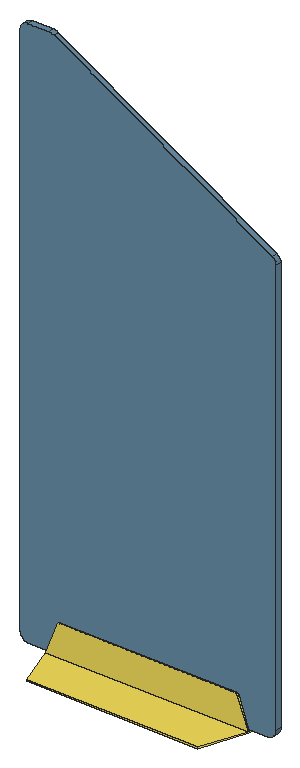
Revit family "DBLTD_TheSenatorGroup_PrvcyScrnSym_Play_FreeStanding_US", category Furniture, Revit 2018
Family settings
  OmniClass Number = 23.40.20.00
  OmniClass Title = General Furniture and Specialties
  Work Plane-Based = No
  Always vertical = Yes
  Cut with Voids When Loaded = No
  Shared = Yes
  Room Calculation Point = No
Parameters (values of type "Right Tapered Screen 32.5”(w) x 70”(h)")
  WarrantyStartDate [instance] = "1900-12-31T23:59:59"
  WarrantyGuarantorParts = "15"
  WarrantyGuarantorLabor = "15"
  WarrantyDurationUnit = "Years"
  WarrantyDurationParts = "15"
  WarrantyDurationLabor = "15"
  WarrantyDescription = "Senator warrants that its manufactured products are free from manufacturing defects - in materials or workmanship - for a period of ten (10) years on Senator Seating ranges; and fifteen (15) years on Senator Desking ranges"
  Version = "1"  # constant formula
  Uniclass2015Version = "Products v1.9"
  Uniclass2015Title = "Privacy screens"
  Uniclass2015Code = "Pr_40_30_20_65"
  URL = "https://www.thesenatorgroup.com/"
  Type Comments = ""
  TagNumber [instance] = "n/a"
  SustainabilityPerformance = "n/a"
  Style = "n/a"
  Status [instance] = "New"
  Size = "L 11\" x W 32.5\" x  H 70\""
  Shape = "Rectangular"
  SerialNumber [instance] = "n/a"
  ScreenUpholstery [instance] = CamiraFabrics_TxtlRllCvrngs_Blazer_Vassar_CUZ2U
  ScreenType = NESTED_DBLTD_TheSenatorGroup_PrvcyScrnSym_Play_FreeStanding_TaperedRight : NESTED_DBLTD_TheSenatorGroup_PrvcyScrnSym_Play_FreeStanding_TaperedRight
  Revision = "n/a"
  ReplacementCost = "0"
  Reference = "n/a"
  ProductInformation = "https://www.thesenatorgroup.com/"
  NominalWidth = 32.5"
  NominalLength = NominalWidth  # 32.5"
  NominalHeight = 70"
  NominalDepth = 11.81"
  Name = "PrivacyScreens_Play_Pods_TheSenatorGroup"  # constant formula
  NBSReference = "45-35-25/320"
  NBSDescription = "Freestanding Screens"
  NBSCertification = ""
  ModelReference = "32.5”(w) x 11\"(d) x 70”(h)"
  ModelNumber = "PYPFST3370R"
  Model = ModelNumber  # "PYPFST3370R"
  Material = "Upholstery"
  ManufacturerURL = "https://www.thesenatorgroup.com/"
  ManufacturerName = "The Senator Group"
  Manufacturer = "The Senator Group"
  MainColor = "n/a"
  Keynote = "Pr_40_30_20_65"
  IsBuiltIn = no
  IntegralAccessories = "n/a"
  InstallationDate [instance] = "1900-12-31T23:59:59"
  IfcExportType = "Screen"  # constant formula
  IfcExportAs = "IfcFurnitureTypeEnum"  # constant formula
  Grade = "n/a"
  FramesColour = "Black, White, Totally Orange, Traffic Yellow, Anthracite, Pistachio"
  FrameMaterial [instance] = TheSenatorGroup_Play_MetalFrame_TrafficYellow
  Finish = "Upholstery"
  Features = "Privacy Screen"
  ExpectedLife = "15"
  EdgeTrimMaterial [instance] = TheSenatorGroup_Play_MetalFrame_White
  DurationUnit = "Years"
  DimensionsPlanSize = "32.5\" x 11\""
  DimensionsHeight = "70\""
  Description = "Right Tapered Screen 2.5\" x 70\" Screen"
  Cost = 0
  Constituents = "n/a"
  Color = "n/a"
  CodePerformance = "n/a"
  Category = "Pr_40_30_20_65:Privacy screens"
  BarCode [instance] = "n/a"
  Author = "Diane Butterworth Ltd"  # constant formula
  AssetType = "Movable"
  AssetIdentifier [instance] = "n/a"
  Assembly Code = "E2020200"
  AccessibilityPerformance = "n/a"
Types (12): name | Size | ScreenType | NominalWidth | NominalLength | NominalHeight | ModelReference | ModelNumber | Model | DimensionsPlanSize | DimensionsHeight | Description
  Left Tapered Screen 32.5”(w) x 70”(h) | "L 11\" x W 32.5\" x  H 70\"" | NESTED_DBLTD_TheSenatorGroup_PrvcyScrnSym_Play_FreeStanding_TaperedLeft : NESTED_DBLTD_TheSenatorGroup_PrvcyScrnSym_Play_FreeStanding_TaperedLeft | 32.5" | 32.5" | 70" | "32.5”(w) x 11\"(d) x 70”(h)" | "PYPFST3370L" | "PYPFST3370L" | "32.5\" x 11\"" | "70\"" | "Left Tapered Screen 32.5\" x 70\" Screen"
  Left Tapered Screen 32.5”(w) x 54”(h) | "L 11\" x W 32.5\" x  H 54\"" | NESTED_DBLTD_TheSenatorGroup_PrvcyScrnSym_Play_FreeStanding_TaperedLeft : NESTED_DBLTD_TheSenatorGroup_PrvcyScrnSym_Play_FreeStanding_TaperedLeft | 32.5" | 32.5" | 54" | "32.5”(w) x 11\"(d) x 54”(h)" | "PYPFST3354L" | "PYPFST3354L" | "32.5\" x 11\"" | "54\"" | "Left Tapered Screen 32.5\" x 54\" Screen"
  Left Tapered Screen 27”(w) x 70”(h) | "L 11\" x W 27\" x  H 70\"" | NESTED_DBLTD_TheSenatorGroup_PrvcyScrnSym_Play_FreeStanding_TaperedLeft : NESTED_DBLTD_TheSenatorGroup_PrvcyScrnSym_Play_FreeStanding_TaperedLeft | 27" | 27" | 70" | "27”(w) x 11\"(d) x 70”(h)" | "PYPFST2770L" | "PYPFST2770L" | "27\" x 11\"" | "70\"" | "Left Tapered Screen 27\" x 70\" Screen"
  Left Tapered Screen 27”(w) x 54”(h) | "L 11\" x W 27\" x  H 54\"" | NESTED_DBLTD_TheSenatorGroup_PrvcyScrnSym_Play_FreeStanding_TaperedLeft : NESTED_DBLTD_TheSenatorGroup_PrvcyScrnSym_Play_FreeStanding_TaperedLeft | 27" | 27" | 54" | "27”(w) x 11\"(d) x 54”(h)" | "PYPFST2754L" | "PYPFST2754L" | "27\" x 11\"" | "54\"" | "Left Tapered Screen 27\" x 54\" Screen"
  Right Tapered Screen 27”(w) x 54”(h) | "L 11\" x W 27\" x  H 54\"" | NESTED_DBLTD_TheSenatorGroup_PrvcyScrnSym_Play_FreeStanding_TaperedRight : NESTED_DBLTD_TheSenatorGroup_PrvcyScrnSym_Play_FreeStanding_TaperedRight | 27" | 27" | 54" | "27”(w) x 11\"(d) x 54”(h)" | "PYPFST2754R" | "PYPFST2754R" | "27\" x 11\"" | "54\"" | "Right Tapered Screen 27\" x 54\" Screen"
  Right Tapered Screen 27”(w) x 70”(h) | "L 11\" x W 27\" x  H 70\"" | NESTED_DBLTD_TheSenatorGroup_PrvcyScrnSym_Play_FreeStanding_TaperedRight : NESTED_DBLTD_TheSenatorGroup_PrvcyScrnSym_Play_FreeStanding_TaperedRight | 27" | 27" | 70" | "27”(w) x 11\"(d) x 70”(h)" | "PYPFST2770R" | "PYPFST2770R" | "27\" x 11\"" | "70\"" | "Right Tapered Screen 27\" x 70\" Screen"
  Right Tapered Screen 32.5”(w) x 70”(h) | "L 11\" x W 32.5\" x  H 70\"" | NESTED_DBLTD_TheSenatorGroup_PrvcyScrnSym_Play_FreeStanding_TaperedRight : NESTED_DBLTD_TheSenatorGroup_PrvcyScrnSym_Play_FreeStanding_TaperedRight | 32.5" | 32.5" | 70" | "32.5”(w) x 11\"(d) x 70”(h)" | "PYPFST3370R" | "PYPFST3370R" | "32.5\" x 11\"" | "70\"" | "Right Tapered Screen 2.5\" x 70\" Screen"
  Right Tapered Screen 32.5”(w) x 54”(h) | "L 11\" x W 32.5\" x  H 54\"" | NESTED_DBLTD_TheSenatorGroup_PrvcyScrnSym_Play_FreeStanding_TaperedRight : NESTED_DBLTD_TheSenatorGroup_PrvcyScrnSym_Play_FreeStanding_TaperedRight | 32.5" | 32.5" | 54" | "32.5”(w) x 11\"(d) x 54”(h)" | "PYPFST3354R" | "PYPFST3354R" | "32.5\" x 11\"" | "54\"" | "Right Tapered Screen 32.5\" x 54\" Screen"
  Rectangular Screen 32.5”(w) x 54”(h) | "L 11\" x W 32.5\" x  H 54\"" | NESTED_DBLTD_TheSenatorGroup_PrvcyScrnSym_Play_FreeStanding_Rectangular : NESTED_DBLTD_TheSenatorGroup_PrvcyScrnSym_Play_FreeStanding_Rectangular | 32.5" | 32.5" | 54" | "32.5”(w) x 11\"(d) x 54”(h)" | "PYPFSR3354" | "PYPFSR3354" | "32.5\" x 11\"" | "54\"" | "Rectangular Screen 32.5\" x 54\" Screen"
  Rectangular Screen 32.5”(w) x 70”(h) | "L 11\" x W 32.5\" x  H 70\"" | NESTED_DBLTD_TheSenatorGroup_PrvcyScrnSym_Play_FreeStanding_Rectangular : NESTED_DBLTD_TheSenatorGroup_PrvcyScrnSym_Play_FreeStanding_Rectangular | 32.5" | 32.5" | 70" | "32.5”(w) x 11\"(d) x 70”(h)" | "PYPFSR3370" | "PYPFSR3370" | "32.5\" x 11\"" | "70\"" | "Rectangular Screen 2.5\" x 70\" Screen"
  Rectangular Screen 27”(w) x 70”(h) | "L 11\" x W 27\" x  H 70\"" | NESTED_DBLTD_TheSenatorGroup_PrvcyScrnSym_Play_FreeStanding_Rectangular : NESTED_DBLTD_TheSenatorGroup_PrvcyScrnSym_Play_FreeStanding_Rectangular | 27" | 27" | 70" | "27”(w) x 11\"(d) x 70”(h)" | "PYPFSR2770" | "PYPFSR2770" | "27\" x 11\"" | "70\"" | "Rectangular Screen 27\" x 70\" Screen"
  Rectangular Screen 27”(w) x 54”(h) | "L 11\" x W 27\" x  H 54\"" | NESTED_DBLTD_TheSenatorGroup_PrvcyScrnSym_Play_FreeStanding_Rectangular : NESTED_DBLTD_TheSenatorGroup_PrvcyScrnSym_Play_FreeStanding_Rectangular | 27" | 27" | 54" | "27”(w) x 11\"(d) x 54”(h)" | "PYPFSR2754" | "PYPFSR2754" | "27\" x 11\"" | "54\"" | "Rectangular Screen 27\" x 54\" Screen"
Reference planes (in)
  plane 1 "Center (Front/Back)": y = 0
  plane 2: z = 0
  plane 3 "Center (Left/Right)": x = 0
  plane 4: z = 70
  plane 5: x = 16.25
  plane 6: x = -16.25
  plane 7: y = -5.905
  plane 8: y = 5.905
Forms (in)
  Extrusion 1, solid, material "TheSenatorGroup_Play_MetalFrame_TrafficYellow" <- "FrameMaterial"
    sketch origin (0, 0, 0) x (1, 0, 0) y (0, 0, -1)
      loop
        arc (10.86023, -4.05512) -> (11.19896, -3.94832) -> (11.41517, -3.66655) r 0.59055
        line (11.41517, -3.66655) -> (12.70669, -0.11811) -> (-12.70669, -0.11811) -> (-11.41517, -3.66655)
        arc (-11.41517, -3.66655) -> (-11.19896, -3.94832) -> (-10.86023, -4.05512) r 0.59055
        line (-10.86023, -4.05512) -> (10.86023, -4.05512)
    from 0.35433 to 0.47244
  Extrusion 2, solid, material "TheSenatorGroup_Play_MetalFrame_TrafficYellow" <- "FrameMaterial"
    sketch origin (0, 0, 0) x (1, 0, 0) y (0, 1, 0)
      loop
        line (-10.72922, 5.90551) -> (-12.70669, 0.47244) -> (-12.70669, -0.47244) -> (-10.72922, -5.90551) -> (10.72922, -5.90551) -> (12.70669, -0.47244) -> (12.70669, 0.47244) -> (10.72922, 5.90551) -> (-10.72922, 5.90551)
    from 0 to 0.11811
  Extrusion 3, solid, material "TheSenatorGroup_Play_MetalFrame_TrafficYellow" <- "FrameMaterial"
    sketch origin (0, -0.82677, 0) x (1, 0, 0) y (0, 0, -1)
      loop
        arc (10.86023, -4.05512) -> (11.19896, -3.94832) -> (11.41517, -3.66655) r 0.59055
        line (11.41517, -3.66655) -> (12.70669, -0.11811) -> (-12.70669, -0.11811) -> (-11.41517, -3.66655)
        arc (-11.41517, -3.66655) -> (-11.19896, -3.94832) -> (-10.86023, -4.05512) r 0.59055
        line (-10.86023, -4.05512) -> (10.86023, -4.05512)
    from 0.35433 to 0.47244
Dimensions and locks (in)
  "NominalHeight": plane 4 to plane 2
  equal spacing: plane 6, plane 3 "Center (Left/Right)", plane 5
  "NominalWidth": plane 6 to plane 5
  "NominalDepth": plane 8 to plane 7
  equal spacing: plane 7, plane 1 "Center (Front/Back)", plane 8
  aligned and locked: level to plane 2
  aligned and locked: plane 3 "Center (Left/Right)" to nested 1
Automatic sketch dimensions
  level to Extrusion 1 sketch curve = 0.11811"
  plane 6 to Extrusion 1 sketch curve = 3.54331"
  Extrusion 1 sketch curve to Extrusion 1 sketch curve = 1.29152"
  Extrusion 1 sketch curve to Extrusion 1 sketch curve = 0.55494"  (x2)
  Extrusion 1 sketch curve to plane 5 = 5.38977"
  Extrusion 1 sketch curve to plane 5 = 3.54331"
  level to Extrusion 1 sketch curve = 3.46457"  (x2)
  Extrusion 1 sketch curve to Extrusion 1 sketch curve = 0.20198"
  plane 1 "Center (Front/Back)" to Extrusion 2 sketch curve = 0.47244"  (x2)
  plane 6 to Extrusion 2 sketch curve = 3.54331"
  plane 6 to Extrusion 2 sketch curve = 5.52078"  (x2)
  Extrusion 2 sketch curve to plane 5 = 5.52078"  (x2)
  Extrusion 2 sketch curve to plane 1 "Center (Front/Back)" = 0.47244"  (x2)
  Extrusion 2 sketch curve to plane 5 = 3.54331"
  Extrusion 2 sketch curve to Extrusion 2 sketch curve = 5.43307"  (x2)
  level to Extrusion 3 sketch curve = 0.11811"
  plane 6 to Extrusion 3 sketch curve = 3.54331"
  Extrusion 3 sketch curve to Extrusion 3 sketch curve = 1.29152"
  Extrusion 3 sketch curve to Extrusion 3 sketch curve = 0.55494"  (x2)
  Extrusion 3 sketch curve to plane 5 = 5.38977"
  Extrusion 3 sketch curve to plane 5 = 3.54331"
  level to Extrusion 3 sketch curve = 3.46457"  (x2)
  Extrusion 3 sketch curve to Extrusion 3 sketch curve = 0.20198"
Nested families (in)
  nested 1: "NESTED_DBLTD_TheSenatorGroup_PrvcyScrnSym_Play_FreeStanding_TaperedRight" at (0, 0, 0), EdgeTrimMaterial <- "EdgeTrimMaterial", ScreenPanelMaterial <- "ScreenUpholstery", NominalWidth <- "NominalWidth", NominalHeight <- "NominalHeight", type <- "ScreenType", type "NESTED_DBLTD_TheSenatorGroup_PrvcyScrnSym_Play_FreeStanding_TaperedRight"
    with ScreenPanelMaterial CamiraFabrics_TxtlRllCvrngs_Blazer_Vassar_CUZ2U, NominalWidth 32.5", NominalHeight 70", EdgeTrimMaterial TheSenatorGroup_Play_MetalFrame_White
Definition of nested family "NESTED_DBLTD_TheSenatorGroup_PrvcyScrnSym_Play_FreeStanding_TaperedRight"
  Parameters (values of type "NESTED_DBLTD_TheSenatorGroup_PrvcyScrnSym_Play_FreeStanding_TaperedRight")
    ScreenPanelMaterial [instance] = none
    NominalWidth [instance] = 32.48031"
    NominalHeight [instance] = 55.11811"
    EdgeTrimMaterial [instance] = none
  Reference planes (in)
    plane 1 "Center (Front/Back)": y = 0
    plane 2: z = 0
    plane 3 "Center (Left/Right)": x = 0
    plane 4: x = 16.24016
    plane 5: x = -16.24016
    plane 6: z = 55.11811
  Forms (in)
    Extrusion 1, solid, material <- "ScreenPanelMaterial"
      sketch origin (0, 0, 0) x (1, 0, 0) y (0, 0, 1)
        loop
          arc (-15.06, 55.11811) -> (-15.75597, 54.82983) -> (-16.04425, 54.13386) r 0.98425
          line (-16.04425, 54.13386) -> (-16.04425, 1.37795)
          arc (-16.04425, 1.37795) -> (-15.75597, 0.68198) -> (-15.06, 0.3937) r 0.98425
          line (-15.06, 0.3937) -> (15.06, 0.3937)
          arc (15.06, 0.3937) -> (15.75597, 0.68198) -> (16.04425, 1.37795) r 0.98425
          line (16.04425, 1.37795) -> (16.04425, 38.89149)
          arc (16.04425, 38.89149) -> (15.93307, 39.34593) -> (15.62462, 39.69769) r 0.98425
          line (15.62462, 39.69769) -> (-11.84808, 54.94006)
          arc (-11.84808, 54.94006) -> (-12.11669, 55.07254) -> (-12.4127, 55.11811) r 0.98425
          line (-12.4127, 55.11811) -> (-15.06, 55.11811)
      from -0.35433 to 0.35433
    Extrusion 2, solid, material <- "EdgeTrimMaterial"
      sketch origin (0, 0, 0) x (1, 0, 0) y (0, 0, 1)
        loop
          line (-16.24016, 51.38464) -> (-16.24016, 4.14055) -> (-16.04425, 4.14055) -> (-16.04425, 51.38464) -> (-16.24016, 51.38464)
      from -0.11811 to 0.11811
  Dimensions and locks (in)
    equal spacing: plane 5, plane 3 "Center (Left/Right)", plane 4
    "NominalWidth": plane 5 to plane 4
    "NominalHeight": plane 6 to level
    locked: Extrusion 2 to level at 51.38464
    aligned and locked: level to plane 2
  Automatic sketch dimensions
    Extrusion 2 sketch curve to plane 5 = 0"
    plane 5 to Extrusion 2 sketch curve = 0.1959"
    level to Extrusion 2 sketch curve = 4.14055"
    Extrusion 2 sketch curve to plane 6 = 3.73347"
    Extrusion 1 sketch curve to plane 6 = 0"
    plane 5 to Extrusion 1 sketch curve = 0.1959"
    level to Extrusion 1 sketch curve = 0.3937"
    plane 5 to Extrusion 1 sketch curve = 1.18015"  (x2)
    Extrusion 1 sketch curve to Extrusion 1 sketch curve = 2.6473"
    Extrusion 1 sketch curve to plane 6 = 0.17805"
    Extrusion 1 sketch curve to Extrusion 1 sketch curve = 0.56462"
    Extrusion 1 sketch curve to plane 4 = 1.18015"  (x2)
    Extrusion 1 sketch curve to plane 4 = 0.61554"
    Extrusion 1 sketch curve to plane 4 = 0.1959"
    Extrusion 1 sketch curve to plane 6 = 16.22662"
